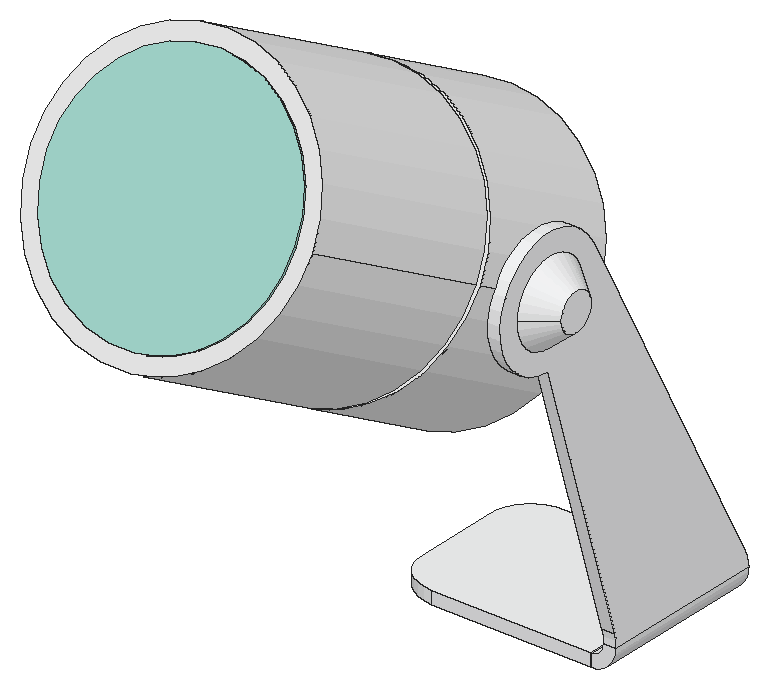
Revit family "Ginko 1.0", category Lighting Fixtures, Revit 2017
Family settings
  Round Connector Dimension = Use Diameter
  Part Type = Normal
  OmniClass Number = 23.80.70.00
  OmniClass Title = Lighting
  Work Plane-Based = No
  Always vertical = No
  Cut with Voids When Loaded = No
  Light Source = No
  Shared = No
  Room Calculation Point = No
Parameters (values of type "Ginko 1.0_M 36° (3000K 3.5 W 24Vdc)")
  X1 = 100 mm
  Wiring = "-"
  Width mm = 34 mm
  Weight kg = "0.13"
  Voltage = 24 V
  Vertical rotation max = 190.00°
  Vertical Rotation max_1 [instance] = 50.00°
  Vertical Rotation Adjusted [instance] = if(Vertical Rotation 2 < Vertical Rotation min, Vertical Rotation min, if(Vertical Rotation 2 > Vertical Rotation max_1, Vertical Rotation max_1, Vertical Rotation 2))  # -60.00°
  Vertical Rotation 2 [instance] = Vertical Rotation - 90.00°  # -60.00°
  Vertical Rotation min [instance] = -140.00°
  URL Accessories and power supply units = "https://www.lucelight.it/en/prodotto.php/103336#a-scheda-accessori"
  URL = "https://www.lucelight.it/en/prodotto.php/103336"
  Top = L&L_White
  URL Technical sheet = "https://www.lucelight.it/media/prodotti/st/ST_GINKO_10.pdf"
  URL Image = "https://www.lucelight.it/media/prodotti/foto/ginko_1.0_still.jpg"
  URL IES Photometric file = "https://www.lucelight.it/media/prodotti/fotometrie/ginko_1.0_ies.zip"
  URL General code = "https://www.lucelight.it/en/prodotto.php/103336#a-generacodice"
  URL Description = "https://www.lucelight.it/en/capitolato.php/103336"
  URL DXF = "https://www.lucelight.it/media/prodotti/dxf/ginko_1.0.dxf"
  URL Catalogue = "https://www.lucelight.it/media/prodotti/brochure/ginko_brochure_en.pdf"
  Power supply unit = "not included"
  Power supply = "24Vdc"
  Power cables = "includes 1,5 m neoprene cable, H05RN-F 2x0,75/0,75 Ø6,3 mm"
  Power = "3.5W (also available: 2.5W - ref. URL Technical sheet)"
  Optics = "36°"
  No. and type of led = "1 power LED, 1/4 ANSI BIN; 50000h L90 B10 (Ta 25°)"
  Model = "Ginko 1.0"
  Manufacturer = "L&L Luce&Light"
  Light Source = Light Source : M36°
  Geometry = Ginko1.0_mod : Ginko_1.0
  Notes = "-"
  Mounting = "surface mounted (ceiling, wall, ground, spike)"
  Middle = L&L_White
  Material = "body in AISI 316L stainless steel or anticorodal aluminium, AISI 316L stainless steel bracket, screen in tempered, transparent extra-clear glass"
  Lumen output at source = "168 lm (3000K, 2.5W, CRI 80); 147 lm (3000K, 2.5W, CRI 90); 224 lm (3000K, 3.5W, CRI 80); 196 lm (3000K, 3.5W, CRI 90)"
  Description = "Outdoor projectors"
  Base = L&L_White aluminium
  Lens = L&L_Lens
  Length mm = 49 mm
  LED Colour = "3000K (also available: 2700K and 4000K - ref. URL Technical sheet)"
  IP = "66"
  Height mm = 91 mm
  H1 = 45 mm
  Vertical Rotation [instance] = 30.00°
  Features = "-"
  Energy efficiency class = "A A+ A++"
  Delivered lumen output = "146 lm (3000K, 19°, 2.5W, CRI 80); 124 lm (3000K, 19°, 2.5W, CRI 90); 193 lm (3000K, 19°, 3.5W, CRI 80); 164 lm (3000K, 19°, 3.5W, CRI 90)"
  Cutout dimensions = "-"
  Control system = "-"
  Contact = "T: +39 0444 360571; E: lucelight@lucelight.it"
  Company = "L&L Luce&Light"
  Code = "GN100 I Stainless steel; GN100 E White; GN100 N Black anodized; GN100 F Grey; GN100 H Anthracite; GN100 T Cor-ten; GN100 5 Jasper green"
  CRI = "90 (also available: CRI 80 - ref. URL Technical sheet)"
  Base bracket = Ginko1.0_Base bracket : Ginko1.0_Base bracket
  Bracket = L&L_Stainless steel
  Apparent Load Phase 1 = 3.5 W
Types (7, lengths in mm): name | Power | Optics | Light Source | Base | LED Colour | CRI
  Ginko 1.0_M 36° (3000K 3.5 W 24Vdc) | "3.5W (also available: 2.5W - ref. URL Technical sheet)" | "36°" | Light Source : M36° | L&L_White aluminium | "3000K (also available: 2700K and 4000K - ref. URL Technical sheet)" | "90 (also available: CRI 80 - ref. URL Technical sheet)"
  Ginko 1.0_Q 58° (3000K 3.5W 24Vdc) | "3.5W (also available: 2.5W - ref. URL Technical sheet)" | "58°" | Light Source : Q58° | L&L_White | "3000K (also available: 2700K and 4000K - ref. URL Technical sheet)" | "90 (also available: CRI 80 - ref. URL Technical sheet)"
  Ginko 1.0_S 19° (3000K 3.5W 24Vdc) | "3.5W (also available: 2.5W - ref. URL Technical sheet)" | "19°" | Light Source : S19° | L&L_White | "3000K (also available: 2700K and 4000K - ref. URL Technical sheet)" | "90 (also available: CRI 80 - ref. URL Technical sheet)"
  Ginko 1.0_T 12° (3000K 3.5W 24Vdc) | "3.5W (also available: 2.5W - ref. URL Technical sheet)" | "12°" | Light Source : T12° | L&L_White | "3000K (also available: 2700K and 4000K - ref. URL Technical sheet)" | "90 (also available: CRI 80 - ref. URL Technical sheet)"
  Ginko 1.0_U 38° (3000K 3.5W 24 Vdc) | "3.5W (also available: 2.5W - ref. URL technical sheet)" | "38°" | Light Source : U38° | L&L_White | "3000K (also available: 2700K and 4000K - ref. URL Technical sheet)" | "90 (also available: CRI 80 - ref. URL Technical sheet)"
  Ginko 1.0_W 16°x36° (3000K 3.5W 24Vdc) | "3.5W (also available: 2.5W - ref. URL Technical sheet)" | "16°x36°" | Light Source : W16°x36° | L&L_White | "3000K (also available: 2700K and 4000K - ref. URL Technical sheet)" | "90 (also available: CRI 80 - ref. URL Technical sheet)"
  Ginko 1.0_X 36°x16° (3000K 3.5W 24Vdc) | "3.5W (also available: 2.5W - ref. URL Technical sheet)" | "36°x16°" | Light Source : X36°x16° | L&L_White | "3000K (also available: 2700K and 4000K - ref. URL Technical sheet)" | "90 (also available: CRI 80 - ref. URL Technical sheet)"
Reference planes
  plane 1 "Light Source Axis (F/B)": y = 0
  plane 2: z = 0
  plane 3 "Light Source Axis (L/R)": x = 0
  plane 4 "Light Source Elevation": z = 45
  plane 5: y = 100
Lines and regions (mm)
  reference lines
    curve 1: line (0, 100, 45) -> (0, 151.962, 15)
Dimensions and locks
  "X1": plane 1 "Light Source Axis (F/B)" to plane 5
  "H1": level to plane 4 "Light Source Elevation"
  "Vertical Rotation Adjusted": angle plane 1 "Light Source Axis (F/B)" to curve 1
  aligned and locked: level to plane 2
  aligned and locked: plane 5 to curve 1
  aligned and locked: plane 4 "Light Source Elevation" to curve 1
Nested families
  nested 1: "Ginko1.0_Base bracket" at (0, 100, 0), type <- "Base bracket", type "Ginko1.0_Base bracket"
  nested 2: "Ginko1.0_mod" at (0, 108.66, 40) x (1, 0, 0) z (0, -0.866, 0.5), type <- "Geometry", type "Ginko_1.0"
  nested 3: "Light Source" at (-0.719, 65.873, 64.665) x (1, 0, 0) z (0, -0.866, 0.5), type <- "Light Source", type "M36°"
Connectors
  electrical at (0, 100, 0), driven by "Voltage", driven by "Apparent Load Phase 1"
    settings: index 1, voltage 24 V, apparent load 0 VA, apparent load phase1 3.5 VA, apparent load phase2 0 VA, apparent load phase3 0 VA, power factor 1, load classification "Lighting", number of poles 1, system type 31, power factor state 1, is connector primary yes, connector utility no, sub classification motor no, connector description ""
Definition of nested family "Ginko1.0_Base bracket"
  Parameters (values of type "Ginko1.0_Base bracket")
    Base Braket = none
  Reference planes
    plane 1 "Light Source Axis (F/B)": y = 0
    plane 2: z = 0
    plane 3 "Light Source Axis (L/R)": x = 0
    plane 4 "Light Source Elevation": z = 1500
  Forms (mm)
    Extrusion 1, solid, material <- "Base Braket", detail levels coarse
      sketch origin (18.45, -94.39, 0) x (0, 1, 0) y (0, 0, -1)
        loop
          line (111.755, 0) -> (86.295, -48.487) -> (98.945, -48.487) -> (124.405, 0) -> (111.755, 0)
      from 0 to 27.3
    Extrusion 2, solid, material <- "Base Braket", detail levels medium
      sketch origin (0.95, 93.088, 0) x (1, 0, 0) y (0, 1, 0)
        loop
          line (14.5, -83.088) -> (14.5, -63.088) -> (-4.75, -63.088)
          arc (-4.75, -63.088) -> (-8.286, -64.552) -> (-9.75, -68.088) r 5
          line (-9.75, -68.088) -> (-9.75, -78.088)
          arc (-9.75, -78.088) -> (-8.286, -81.623) -> (-4.75, -83.088) r 5
          line (-4.75, -83.088) -> (14.5, -83.088)
      from 0 to 1.5
    Extrusion 3, solid, material <- "Base Braket", detail levels fine
      sketch origin (18.45, 237.948, -311.65) x (0, -1, 0) y (0, 0, 1)
        loop
          line (207.933, 314.65) -> (227.934, 314.65)
          arc (227.934, 314.65) -> (227.966, 315.517) -> (228.146, 316.365) r 5
          line (228.146, 316.365) -> (238.171, 349.154)
          arc (238.171, 349.154) -> (244.283, 360.633) -> (231.288, 360.137) r 7.5
          line (231.288, 360.137) -> (208.501, 316.742)
          arc (208.501, 316.742) -> (208.102, 315.727) -> (207.933, 314.65) r 5
      from 0 to 1.5
    Extrusion 4, solid, material <- "Base Braket", detail levels medium
      sketch origin (-54.832, 30, -122.348) x (1, 0, 0) y (0, 0, 1)
        loop
          line (73.282, 125.348) -> (71.782, 125.348)
          arc (71.782, 125.348) -> (71.343, 124.287) -> (70.282, 123.848) r 1.5
          line (70.282, 123.848) -> (70.282, 122.348)
          arc (70.282, 122.348) -> (72.403, 123.227) -> (73.282, 125.348) r 3
      from 0 to 20
    Extrusion 5, solid, material <- "Base Braket", detail levels fine
      sketch origin (0.95, 93.088, 0) x (1, 0, 0) y (0, 1, 0)
        loop
          line (14.5, -83.088) -> (14.5, -63.088) -> (-4.75, -63.088)
          arc (-4.75, -63.088) -> (-8.286, -64.552) -> (-9.75, -68.088) r 5
          line (-9.75, -68.088) -> (-9.75, -78.088)
          arc (-9.75, -78.088) -> (-8.286, -81.623) -> (-4.75, -83.088) r 5
          line (-4.75, -83.088) -> (14.5, -83.088)
      from 0 to 1.5
    Extrusion 6, solid, material <- "Base Braket", detail levels medium
      sketch origin (18.45, 237.948, -311.65) x (0, -1, 0) y (0, 0, 1)
        loop
          line (207.933, 314.65) -> (227.934, 314.65)
          arc (227.934, 314.65) -> (227.966, 315.517) -> (228.146, 316.365) r 5
          line (228.146, 316.365) -> (238.171, 349.154)
          arc (238.171, 349.154) -> (244.583, 360.107) -> (231.935, 361.159) r 7.5
          arc (231.935, 361.159) -> (231.591, 360.661) -> (231.288, 360.137) r 7.5
          line (231.288, 360.137) -> (208.501, 316.742)
          arc (208.501, 316.742) -> (208.102, 315.727) -> (207.933, 314.65) r 5
      from 0 to 1.5
    Extrusion 7, solid, material <- "Base Braket", detail levels fine
      sketch origin (-54.832, 30, -122.348) x (1, 0, 0) y (0, 0, 1)
        loop
          line (73.282, 125.348) -> (71.782, 125.348)
          arc (71.782, 125.348) -> (71.343, 124.287) -> (70.282, 123.848) r 1.5
          line (70.282, 123.848) -> (70.282, 122.348)
          arc (70.282, 122.348) -> (72.403, 123.227) -> (73.282, 125.348) r 3
      from 0 to 20
    Blend 8, solid, material <- "Base Braket", detail levels fine
      base sketch origin (21.65, -8.095, 0) x (0, 1, 0) y (0, 0, -1)
        loop
          circle (8.095, -45) r 2.25
      top sketch origin (21.65, -8.095, 0) x (0, 1, 0) y (0, 0, -1)
        loop
          circle (8.095, -45) r 5
      from 0 to 3.2
  Dimensions and locks
    aligned and locked: level to plane 2
Definition of nested family "Ginko1.0_mod"
  Parameters (values of type "Ginko_1.0")
    Upper Snoot = none
    Radius bottom = 15 mm
    Radius Ginko middle = 16 mm
    Radius Ginko inside = 15 mm
    Radius Ginko = 17 mm
    Middle ring 3.4 = no
    Middle ring 1.4 = no
    Middle ring = no
    Middle Snoot = none
    Lower Snoot = none
    Lens = none
    Height middle ring = 1 mm
    Height lower ring = 20 mm
    Height Ginko up = 28.5 mm
    Height Ginko glass = 48.3 mm
    Height Ginko bottom = 21 mm
    Height Ginko = 49.3 mm
    Default Elevation = 1219.2 mm
  Reference planes
    plane 1 "Light Source Axis (F/B)": y = 0
    plane 2: z = 0
    plane 3 "Light Source Axis (L/R)": x = 0
    plane 4 "Light Source Elevation": z = 1500
    plane 5: z = 49.3
    plane 6: z = 48.3
    plane 7: z = 50.5
    plane 8: z = 20.8
    plane 9: z = 57.9
    plane 10: z = 20
    plane 11: z = 21
    plane 12: z = 10
  Forms (mm)
    Extrusion 1, solid, material <- "Lower Snoot", detail levels coarse
      sketch origin (0, 0, 0) x (1, 0, 0) y (0, 1, 0)
        loop
          circle (0, 0) r 17
      from 0 to 49.3
    Extrusion 2, solid, material <- "Lower Snoot", detail levels medium
      sketch origin (0, 0, 0) x (1, 0, 0) y (0, 1, 0)
        loop
          circle (0, 0) r 17
      from 0 to 49.3
    Extrusion 3, solid, material <- "Lens", detail levels medium
      sketch origin (0, 0, 57.2) x (1, 0, 0) y (0, 1, 0)
        loop
          circle (0, 0) r 15
      from -8.9 to -7.8
    Extrusion 4, solid, material <- "Lower Snoot", detail levels fine
      sketch origin (0, 0, -27.3) x (1, 0, 0) y (0, 1, 0)
        loop
          circle (0, 0) r 17
      from 27.3 to 47.3
    Extrusion 5, solid, material <- "Middle Snoot", detail levels fine
      sketch origin (0, 0, 0) x (1, 0, 0) y (0, 1, 0)
        loop
          circle (0, 0) r 16
      from 20 to 21
    Extrusion 6, solid, material <- "Upper Snoot", detail levels fine
      sketch origin (0, 0, 0.2) x (1, 0, 0) y (0, 1, 0)
        loop
          circle (0, 0) r 17
      from 20.6 to 49.1
    Extrusion 7, solid, material <- "Lens", detail levels fine
      sketch origin (0, 0, 57.2) x (1, 0, 0) y (0, 1, 0)
        loop
          circle (0, 0) r 15
      from -8.9 to -7.8
  Dimensions and locks
    plane 5 to plane 2 = 49.3 mm
    "Height Ginko": plane 5 to level
    "Height Ginko glass": plane 6 to plane 2
    level to plane 7 = 50.5 mm
    Extrusion 7 to Extrusion 6 = 1 mm
    locked: Extrusion 3 to Extrusion 2 at 1
    "Height lower ring": level to plane 10
    locked: plane 10 to plane 11 at 1
    plane 5 to plane 6 = 1 mm
    "Height Ginko up": plane 8 to plane 5
    equal spacing: plane 10, plane 12, plane 2
    "Radius Ginko": radius of Extrusion 1 sketch curve
    "Radius bottom": radius of Extrusion 3 sketch curve
    "Radius Ginko middle": radius of Extrusion 5 sketch curve
    "Radius Ginko inside": radius of Extrusion 7 sketch curve
    aligned and locked: level to plane 2
    aligned and locked: plane 5 to Extrusion 1
    aligned and locked: plane 5 to Extrusion 2
    aligned and locked: plane 5 to Extrusion 6
    aligned and locked: Extrusion 4 to Extrusion 5
    aligned and locked: plane 10 to Extrusion 4
    aligned and locked: Extrusion 5 to plane 10
    aligned and locked: Extrusion 5 to plane 11
    aligned and locked: Extrusion 7 to plane 6
    aligned and locked: plane 8 to Extrusion 6
  Automatic sketch dimensions
    plane 1 "Light Source Axis (F/B)" to Extrusion 2 sketch curve = 0 mm
    Extrusion 2 sketch curve to plane 3 "Light Source Axis (L/R)" = 0 mm
    plane 1 "Light Source Axis (F/B)" to Extrusion 4 sketch curve = 0 mm
    Extrusion 4 sketch curve to plane 3 "Light Source Axis (L/R)" = 0 mm
    plane 1 "Light Source Axis (F/B)" to Extrusion 6 sketch curve = 0 mm
    Extrusion 6 sketch curve to plane 3 "Light Source Axis (L/R)" = 0 mm
    plane 1 "Light Source Axis (F/B)" to Extrusion 1 sketch curve = 0 mm
    Extrusion 1 sketch curve to plane 3 "Light Source Axis (L/R)" = 0 mm
    plane 1 "Light Source Axis (F/B)" to Extrusion 3 sketch curve = 0 mm
    Extrusion 3 sketch curve to plane 3 "Light Source Axis (L/R)" = 0 mm
    plane 1 "Light Source Axis (F/B)" to Extrusion 5 sketch curve = 0 mm
    Extrusion 5 sketch curve to plane 3 "Light Source Axis (L/R)" = 0 mm
    plane 1 "Light Source Axis (F/B)" to Extrusion 7 sketch curve = 0 mm
    Extrusion 7 sketch curve to plane 3 "Light Source Axis (L/R)" = 0 mm
    radius of Extrusion 2 sketch curve = 17 mm
    radius of Extrusion 4 sketch curve = 17 mm
    radius of Extrusion 6 sketch curve = 17 mm
Definition of nested family "Light Source"
  Parameters (values of type "M36°")
    Wattage = 1.31949 W
    built-in parameter 1150110 = 1 (stored number, unit not read)
    built-in parameter 1114217 = 1 (stored number, unit not read)
    Tilt Angle = 90.00°
    built-in parameter 1150109 = 1 (stored number, unit not read)
    built-in parameter 1150134 = (empty or 0)
    built-in parameter 1150113 = 1 (stored number, unit not read)
    Photometric Web File = "GINKO 1.0 M 36° [3000K 3.5W 24Vdc].IES"
    Lumens = 196 lm
    built-in parameter 1150115 = 1 (stored number, unit not read)
    built-in parameter 1150105 = 15.597 (stored number, unit not read)
    built-in parameter 1150137 = (empty or 0)
    built-in parameter 1150139 = (empty or 0)
    built-in parameter 1150112 = 1 (stored number, unit not read)
    built-in parameter 1150114 = 1 (stored number, unit not read)
    built-in parameter 1150132 = 2
    built-in parameter 1150102 = (empty or 0)
    built-in parameter 1150138 = (empty or 0)
    built-in parameter 1150107 = 3000 (stored number, unit not read)
    built-in parameter 1150106 = 0.15597 (stored number, unit not read)
    built-in parameter 1150104 = 13.8 (stored number, unit not read)
    Dimming Lamp Color Temperature Shift = (empty or 0)
    Default Elevation = 1219.2 mm
    Color Filter = 16777215
    built-in parameter 1114218 = 1 (stored number, unit not read)
    built-in parameter 1150133 = 10 (stored number, unit not read)
  Types (7, lengths in mm): name | Photometric Web File
    M36° | "GINKO 1.0 M 36° [3000K 3.5W 24Vdc].IES"
    Q58° | "GINKO 1.0 Q 58° [3000K 3.5W 24Vdc].IES"
    S19° | "GINKO 1.0 S 19° [3000K 3.5W 24Vdc].IES"
    U38° | "GINKO 1.0 U (38°) [3000K 3.5W 24Vdc].IES"
    W16°x36° | "GINKO 1.0 W 16°x36° [3000K 3.5W 24Vdc].IES"
    X36°x16° | "GINKO 1.0 X 36°x16° [3000K 3.5W 24Vdc].IES"
    T12° | "GINKO 1.0 T 12° [3000K 3.5W 24Vdc].IES"
  Reference planes
    plane 1 "Light Source Axis (F/B)": y = 0
    plane 2: z = 0
    plane 3 "Light Source Axis (L/R)": x = 0
    plane 4 "Light Source Elevation": z = 0
  Dimensions and locks
    aligned and locked: plane 3 "Light Source Axis (L/R)" to imposter light
    aligned and locked: plane 1 "Light Source Axis (F/B)" to imposter light
    aligned and locked: plane 4 "Light Source Elevation" to imposter light
    aligned and locked: level to plane 2
